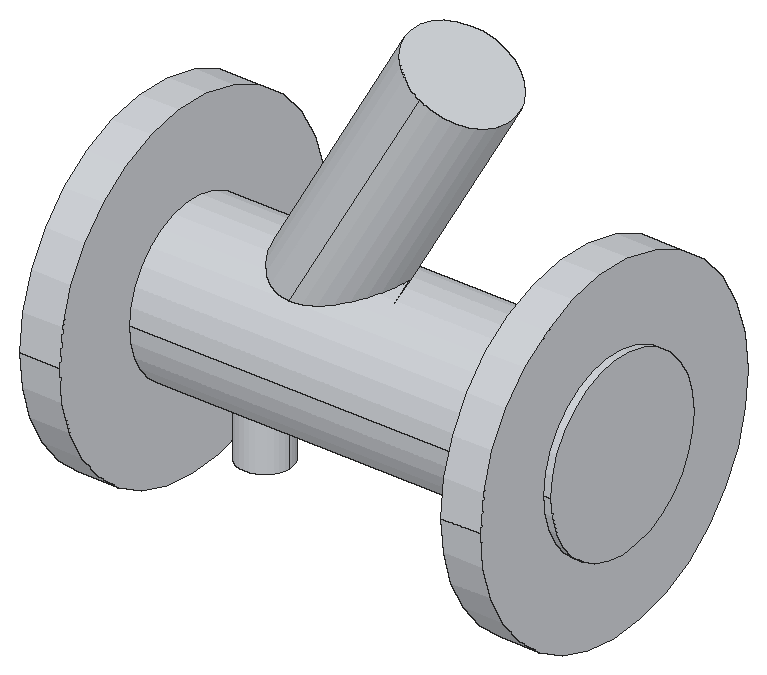
Revit family "HS 821-síto_jemné-PN16-DN020-RFA_2018", category Pipe Accessories, Revit 2018
Family settings
  Round Connector Dimension = Use Diameter
  Part Type = Breaks Into
  Work Plane-Based = No
  Always vertical = Yes
  Cut with Voids When Loaded = No
  Shared = No
Parameters (values of type "821A-DN020-PN16-síto_jemné")
  magiProductId = "41cd6c7a12924f4991217528336076"
  magiProductFamilyId = "79214ac3aaa945e397802f559f5c1e"
  magiPartTypeId = 307
  isMeasuringValve [instance] = no
  ang2D [instance] = 0.00°
  ZB__ve = -ZB  # -17.75 mm
  ZB1 = 22.68 mm
  ZB = 17.75 mm
  X2 = 51.673 mm
  X1 = 21 mm
  W2D = 15 mm
  VersionID = "2.0/2017.9.26.1/ZETKAMA_821_001"
  Use Minimum Symbol Size [instance] = yes
  URL = "www.hydronix.cz"
  Type Comments = "Filtr přírubový; síto jemné; A-PN16 (-10~300°C); D-PN25 (-10~350°C); F-PN40 (-10~400°C)"
  S = 56 mm
  QmdConnectorList = "301;D;302;D"
  Productdata [instance] = ""
  Manufacturer = "Hydronix"
  MC Product Code = "210 120 (821A; DN020; PN16; kvs9,6; oko síta 0,63mm)"
  LM1 = 12 mm
  LM = 120 mm
  L4 = 37.5 mm
  L2D_Min = 3048 mm
  L2D = 130 mm
  L2 = 75 mm
  HH2 = 89.5 mm
  FD = 105 mm
  Description = "Filtr přírubový; síto jemné; 821A-PN16; 821D-PN25; 821F-PN40"
  DM1 = 33.6 mm
  DM = 50.4 mm
  D = 20 mm
  CC = 2.55 mm
  CAT0 = yes
  C1 = 12.45 mm
  C = 15 mm
  BD = 15.876 mm
Types (40, lengths in mm): name | magiProductId | ZB__ve | ZB1 | ZB | X2 | X1 | S | MC Product Code | LM1 | LM | L4 | L2 | HH2 | FD | DM1 | DM | D | CC | C1 | C | BD
  821A-DN015-PN16-síto_jemné | "a71bcfe8b393460598b23e8ddf7dc5" | -16.25 | 18.63 | 16.25 | 46.982 | 18.2 | 46 | "210 115 (821A; DN015; PN16; kvs6,2; oko síta 0,63mm)" | 10.4 | 104 | 32.5 | 65 | 81.375 | 95 | 27.6 | 41.4 | 15 | 2.21 | 10.79 | 13 | 13.041
  821A-DN020-PN16-síto_jemné | "41cd6c7a12924f4991217528336076" | -17.75 | 22.68 | 17.75 | 51.673 | 21 | 56 | "210 120 (821A; DN020; PN16; kvs9,6; oko síta 0,63mm)" | 12 | 120 | 37.5 | 75 | 89.5 | 105 | 33.6 | 50.4 | 20 | 2.55 | 12.45 | 15 | 15.876
  821A-DN025-PN16-síto_jemné | "be378b463ed14c3abf4c9b3ae8cf3a" | -19.25 | 26.325 | 19.25 | 58.601 | 22.4 | 65 | "210 125 (821A; DN025; PN16; kvs14,2; oko síta 0,63mm)" | 12.8 | 128 | 40 | 80 | 101.5 | 115 | 43.2 | 58.5 | 25 | 2.72 | 13.28 | 16 | 18.427
  821A-DN032-PN16-síto_jemné | "227a0d18b21540afabe8b6067d35fa" | -23 | 30.78 | 23 | 68.849 | 25.2 | 76 | "210 132 (821A; DN032; PN16; kvs23,1; oko síta 0,63mm)" | 14.4 | 144 | 45 | 90 | 119.25 | 140 | 50.4 | 68.4 | 32 | 3.06 | 14.94 | 18 | 21.546
  821A-DN040-PN16-síto_jemné | "d106917c74724141a10440112d0102" | -24.5 | 34.02 | 24.5 | 75.777 | 28 | 84 | "210 140 (821A; DN040; PN16; kvs36,6; oko síta 0,63mm)" | 16 | 160 | 50 | 100 | 131.25 | 150 | 60 | 75.6 | 40 | 3.4 | 16.6 | 20 | 23.814
  821A-DN050-PN16-síto_jemné | "8255d456a09e4f6486734f5dd9171b" | -26.75 | 40.095 | 26.75 | 79.061 | 32.2 | 99 | "210 150 (821A; DN050 PN16; kvs53,7; oko síta 0,63mm)" | 18.4 | 184 | 57.5 | 115 | 136.938 | 165 | 73.8 | 89.1 | 50 | 3.91 | 19.09 | 23 | 28.066
  821A-DN065-PN16-síto_jemné | "235b1b3e4c0843779a4d5e3716d40a" | -29.75 | 47.79 | 29.75 | 86.927 | 40.6 | 118 | "210 165 (821A; DN065; PN16; kvs95,1; oko síta 0,63mm)" | 23.2 | 232 | 72.5 | 145 | 150.562 | 185 | 94.2 | 106.2 | 65 | 4.93 | 24.07 | 29 | 33.453
  821A-DN080-PN16-síto_jemné | "a067f7c5236348ed8c820d16df7214" | -32 | 53.46 | 32 | 104.753 | 43.4 | 132 | "210 180 (821A; DN080; PN16; kvs137,1; oko síta 0,63mm)" | 24.8 | 248 | 77.5 | 155 | 181.438 | 200 | 107.4 | 118.8 | 80 | 5.27 | 25.73 | 31 | 37.422
  821A-DN100-PN16-síto_jemné | "c49a648c2747461285837d643703cd" | -35 | 63.18 | 35 | 114.857 | 49 | 156 | "210 190 (821A; DN100; PN16; kvs206,4; oko síta 0,63mm)" | 28 | 280 | 87.5 | 175 | 198.937 | 220 | 131.4 | 140.4 | 100 | 5.95 | 29.05 | 35 | 44.226
  821A-DN125-PN16-síto_jemné | "bf68e728a163493cbd2a663b26ebdc" | -39.5 | 74.52 | 39.5 | 131.888 | 56 | 184 | "210 191 (821A; DN125; PN16; kvs268,8; oko síta 0,63mm)" | 32 | 320 | 100 | 200 | 228.438 | 250 | 165 | 165.6 | 125 | 6.8 | 33.2 | 40 | 52.164
  821A-DN150-PN16-síto_jemné | "2de770284b654863ae6bc865769dc5" | -44.75 | 85.455 | 44.75 | 155.885 | 67.2 | 211 | "210 192 (821A; DN150; PN16; kvs401,4; oko síta 0,63mm)" | 38.4 | 384 | 120 | 240 | 270 | 285 | 192 | 189.9 | 150 | 8.16 | 39.84 | 48 | 59.818
  821A-DN200-PN16-síto_jemné | "8e5693371ab64aabb29a7f08c76e15" | -53 | 107.73 | 53 | 188.361 | 84 | 266 | "210 193 (821A; DN200; PN16; kvs706,7; oko síta 0,63mm)" | 48 | 480 | 150 | 300 | 326.25 | 340 | 252 | 239.4 | 200 | 10.2 | 49.8 | 60 | 75.411
  821A-DN250-PN16-síto_jemné | "05e37ed948c34047acdd4c42556504" | -62.75 | 129.195 | 62.75 | 255.911 | 102.2 | 319 | "210 194 (821A; DN250; PN16; kvs1229,4; oko síta 0,63mm)" | 58.4 | 584 | 182.5 | 365 | 443.25 | 405 | 309.6 | 287.1 | 250 | 12.41 | 60.59 | 73 | 90.436
  821A-DN300-PN16-síto_jemné | "9ad0af747269428da925480d83ce80" | -71 | 149.85 | 71 | 325.914 | 119 | 370 | "210 195 (821A; DN300; PN16; kvs1902,4; oko síta 0,63mm)" | 68 | 680 | 212.5 | 425 | 564.5 | 460 | 369.6 | 333 | 300 | 14.45 | 70.55 | 85 | 104.895
  821A-DN350-PN16-síto_jemné | "eebc71459bb3451bb4355e7951370a" | -80 | 173.745 | 80 | 356.875 | 137.2 | 429 | "200 196 (821A; DN350; PN16; kvs2611,0; oko síta 0,63mm)" | 78.4 | 784 | 245 | 490 | 618.125 | 520 | 438 | 386.1 | 350 | 16.66 | 81.34 | 98 | 121.621
  821A-DN400-PN16-síto_jemné | "d2f677cb196647e385b2590e7d8abe" | -89 | 194.4 | 89 | 392.237 | 154 | 480 | "210 197 (821A; DN400; PN16; kvs3438,4; oko síta 0,63mm)" | 88 | 880 | 275 | 550 | 679.375 | 580 | 498 | 432 | 400 | 18.7 | 91.3 | 110 | 136.08
  821D-DN015-PN25-síto_jemné | "27ddcbf555414f8ca1fde329bf9087" | -16.25 | 18.63 | 16.25 | 46.982 | 18.2 | 46 | "210 215 (821D; DN015; PN25; kvs6,2; oko síta 0,63mm)" | 10.4 | 104 | 32.5 | 65 | 81.375 | 95 | 27.6 | 41.4 | 15 | 2.21 | 10.79 | 13 | 13.041
  821D-DN020-PN25-síto_jemné | "270e0f14012f47189cd0235c18faee" | -17.75 | 22.68 | 17.75 | 51.673 | 21 | 56 | "210 220 (821D; DN020; PN25; kvs9,6; oko síta 0,63mm)" | 12 | 120 | 37.5 | 75 | 89.5 | 105 | 33.6 | 50.4 | 20 | 2.55 | 12.45 | 15 | 15.876
  821D-DN025-PN25-síto_jemné | "b9a7fb4aa36643878c637d8e1ab992" | -19.25 | 26.325 | 19.25 | 58.601 | 22.4 | 65 | "210 225 (821D; DN025; PN25; kvs14,2; oko síta 0,63mm)" | 12.8 | 128 | 40 | 80 | 101.5 | 115 | 43.2 | 58.5 | 25 | 2.72 | 13.28 | 16 | 18.427
  821D-DN032-PN25-síto_jemné | "6be9a55c4e68400f94eec7e804204c" | -23 | 30.78 | 23 | 68.849 | 25.2 | 76 | "210 232 (821D; DN032; PN25; kvs23,1; oko síta 0,63mm)" | 14.4 | 144 | 45 | 90 | 119.25 | 140 | 50.4 | 68.4 | 32 | 3.06 | 14.94 | 18 | 21.546
  821D-DN040-PN25-síto_jemné | "c54511bd7f584ec2984291479612cb" | -24.5 | 34.02 | 24.5 | 75.777 | 28 | 84 | "210 240 (821D; DN040; PN25; kvs36,6; oko síta 0,63mm)" | 16 | 160 | 50 | 100 | 131.25 | 150 | 60 | 75.6 | 40 | 3.4 | 16.6 | 20 | 23.814
  821D-DN050-PN25-síto_jemné | "5483b1f596b04cd39b23a14a22c90e" | -26.75 | 40.095 | 26.75 | 79.061 | 32.2 | 99 | "210 250 (821D; DN050; PN25; kvs53,7; oko síta 0,63mm)" | 18.4 | 184 | 57.5 | 115 | 136.938 | 165 | 73.8 | 89.1 | 50 | 3.91 | 19.09 | 23 | 28.066
  821D-DN065-PN25-síto_jemné | "767b0f8318e94750bc7a9930ed5b30" | -29.75 | 47.79 | 29.75 | 86.927 | 40.6 | 118 | "210 265 (821D; DN065; PN25; kvs95,1; oko síta 0,63mm)" | 23.2 | 232 | 72.5 | 145 | 150.562 | 185 | 94.2 | 106.2 | 65 | 4.93 | 24.07 | 29 | 33.453
  821D-DN080-PN25-síto_jemné | "e21040fa3cc2404b858198f6b73709" | -32 | 53.46 | 32 | 104.753 | 43.4 | 132 | "210 280 (821D; DN080; PN25; kvs137,1; oko síta 0,63mm)" | 24.8 | 248 | 77.5 | 155 | 181.438 | 200 | 107.4 | 118.8 | 80 | 5.27 | 25.73 | 31 | 37.422
  821D-DN100-PN25-síto_jemné | "175ca87a506b40b3bc6b82f12f33cf" | -37.25 | 63.18 | 37.25 | 114.857 | 49 | 156 | "210 290 (821D; DN100; PN25; kvs206,4; oko síta 0,63mm)" | 28 | 280 | 87.5 | 175 | 198.937 | 235 | 131.4 | 140.4 | 100 | 5.95 | 29.05 | 35 | 44.226
  821D-DN125-PN25-síto_jemné | "77cc98d60da24855999a22dff726b2" | -42.5 | 74.52 | 42.5 | 131.888 | 56 | 184 | "210 291 (821D; DN125; PN25; kvs268,8; oko síta 0,63mm)" | 32 | 320 | 100 | 200 | 228.438 | 270 | 165 | 165.6 | 125 | 6.8 | 33.2 | 40 | 52.164
  821D-DN150-PN25-síto_jemné | "9cf8acfcd15547d68e83172d3abcbe" | -47 | 85.455 | 47 | 155.885 | 67.2 | 211 | "210 292 (821D; DN150; PN25; kvs401,4; oko síta 0,63mm)" | 38.4 | 384 | 120 | 240 | 270 | 300 | 192 | 189.9 | 150 | 8.16 | 39.84 | 48 | 59.818
  821D-DN200-PN25-síto_jemné | "16973f3c9ea14389ba8602495a6b64" | -56 | 110.97 | 56 | 188.361 | 84 | 274 | "210 293 (821D; DN200; PN25; kvs706,7; oko síta 0,63mm)" | 48 | 480 | 150 | 300 | 326.25 | 360 | 252 | 246.6 | 200 | 10.2 | 49.8 | 60 | 77.679
  821F-DN015-PN40-síto_jemné | "4c7eaf3c4c0340888b3e684d8a8616" | -16.25 | 18.225 | 16.25 | 46.982 | 18.2 | 45 | "250 615 (821F; DN015; PN40; kvs6,2; oko síta 0,63mm)" | 10.4 | 104 | 32.5 | 65 | 81.375 | 95 | 27.6 | 40.5 | 15 | 2.21 | 10.79 | 13 | 12.757
  821F-DN020-PN40-síto_jemné | "aaac5f1ec96b44d6ba96ac2293d66d" | -17.75 | 23.49 | 17.75 | 51.673 | 21 | 58 | "250 620 (821F; DN020; PN40; kvs9,6; oko síta 0,63mm)" | 12 | 120 | 37.5 | 75 | 89.5 | 105 | 33.6 | 52.2 | 20 | 2.55 | 12.45 | 15 | 16.443
  821F-DN025-PN40-síto_jemné | "504768023968471481789485b54c7e" | -19.25 | 27.54 | 19.25 | 58.601 | 22.4 | 68 | "250 625 (821F; DN025; PN40; kvs14,2; oko síta 0,63mm)" | 12.8 | 128 | 40 | 80 | 101.5 | 115 | 43.2 | 61.2 | 25 | 2.72 | 13.28 | 16 | 19.278
  821F-DN032-PN40-síto_jemné | "165e7f39cf744f329bdf1c400dad12" | -23 | 31.59 | 23 | 68.849 | 25.2 | 78 | "250 632 (821F; DN032; PN40; kvs23,1; oko síta 0,63mm)" | 14.4 | 144 | 45 | 90 | 119.25 | 140 | 50.4 | 70.2 | 32 | 3.06 | 14.94 | 18 | 22.113
  821F-DN040-PN40-síto_jemné | "b8903f952089408fbf3a5a632bab1f" | -24.5 | 35.64 | 24.5 | 75.777 | 28 | 88 | "250 640 (821F; DN040; PN40; kvs36,6; oko síta 0,63mm)" | 16 | 160 | 50 | 100 | 131.25 | 150 | 60 | 79.2 | 40 | 3.4 | 16.6 | 20 | 24.948
  821F-DN050-PN40-síto_jemné | "c451f97266fe48da8f879cb6a2bd44" | -26.75 | 41.31 | 26.75 | 79.061 | 32.2 | 102 | "250 650 (821F; DN050; PN40; kvs53,7; oko síta 0,63mm)" | 18.4 | 184 | 57.5 | 115 | 136.938 | 165 | 73.8 | 91.8 | 50 | 3.91 | 19.09 | 23 | 28.917
  821F-DN065-PN40-síto_jemné | "dc9821e3f9b34e128f6a8c6b34c198" | -29.75 | 49.41 | 29.75 | 86.927 | 40.6 | 122 | "250 665 (821F; DN065; PN40; kvs95,1; oko síta 0,63mm)" | 23.2 | 232 | 72.5 | 145 | 150.562 | 185 | 94.2 | 109.8 | 65 | 4.93 | 24.07 | 29 | 34.587
  821F-DN080-PN40-síto_jemné | "689aa1e260f84cf4994f027a1d86b5" | -32 | 55.89 | 32 | 104.753 | 43.4 | 138 | "250 680 (821F; DN080; PN40; kvs137,1; oko síta 0,63mm)" | 24.8 | 248 | 77.5 | 155 | 181.438 | 200 | 107.4 | 124.2 | 80 | 5.27 | 25.73 | 31 | 39.123
  821F-DN100-PN40-síto_jemné | "8a45d4e8e2ab425f8c432f21d684f3" | -37.25 | 65.61 | 37.25 | 114.857 | 49 | 162 | "250 690 (821F; DN100; PN40; kvs206,4; oko síta 0,63mm)" | 28 | 280 | 87.5 | 175 | 198.937 | 235 | 131.4 | 145.8 | 100 | 5.95 | 29.05 | 35 | 45.927
  821F-DN125-PN40-síto_jemné | "cf073904c006406b8645afa67ea2fc" | -42.5 | 76.14 | 42.5 | 131.888 | 56 | 188 | "250 691 (821F; DN125; PN40; kvs268,8; oko síta 0,63mm)" | 32 | 320 | 100 | 200 | 228.438 | 270 | 165 | 169.2 | 125 | 6.8 | 33.2 | 40 | 53.298
  821F-DN150-PN40-síto_jemné | "0153b9ddabe14992a630484929fdbc" | -47 | 88.29 | 47 | 155.885 | 67.2 | 218 | "250 692 (821F; DN150; PN40; kvs401,4; oko síta 0,63mm)" | 38.4 | 384 | 120 | 240 | 270 | 300 | 192 | 196.2 | 150 | 8.16 | 39.84 | 48 | 61.803
  821F-DN200-PN40-síto_jemné | "7fb3fc01dd8d42428c203e3f8dd4d5" | -56 | 115.425 | 56 | 188.361 | 84 | 285 | "250 693 (821F; DN200; PN40; kvs706,7; oko síta 0,63mm)" | 48 | 480 | 150 | 300 | 326.25 | 360 | 252 | 256.5 | 200 | 10.2 | 49.8 | 60 | 80.797
Reference planes
  plane 1 "Center (Front/Back)": y = 0
  plane 2 "XYPLANE": z = 0
  plane 3 "Center (Left/Right)": x = 0
  plane 4 "109": x = -48
  plane 5 "108": x = 60
  plane 6 "107": x = -60
  plane 7 "105": x = 75
  plane 8 "104": x = -75
  plane 9 "103": y = 0
  plane 10 "102": z = 0
  plane 11 "101": x = -72.45
  plane 12 "100": x = 72.45
  plane 13 "11": x = -27
  plane 14 "10": z = 89.5
  plane 15 "9": x = 24.673
  plane 16 "5": z = -22.68
  plane 17 "4": x = -37.5
  plane 18 "1": x = 37.5
Forms (mm)
  Extrusion 1, solid, visible <- "CAT0"
    sketch origin (-60, -750, 0) x (0, 1, 0) y (0, 0, 1)
      loop
        circle (750, 0) r 25.2
    from 0 to 120 <- "LM"
  Extrusion 2, solid
    sketch origin (-75, -750, 0) x (0, 1, 0) y (0, 0, 1)
      loop
        circle (750, 0) r 28
    from 0 to 2.55 <- "CC"
  Extrusion 3, solid
    sketch origin (-72.45, -750, 0) x (0, 1, 0) y (0, 0, 1)
      loop
        circle (750, 0) r 52.5
    from 0 to 12.45 <- "C1"
  Extrusion 4, solid
    sketch origin (60, -750, 0) x (0, 1, 0) y (0, 0, 1)
      loop
        circle (750, 0) r 52.5
    from 0 to 12.45 <- "C1"
  Extrusion 5, solid
    sketch origin (72.45, -750, 0) x (0, 1, 0) y (0, 0, 1)
      loop
        circle (750, 0) r 28
    from 0 to 2.55 <- "CC"
  Sweep 6, solid, visible <- "CAT0"
    path origin (750, 0, 0) x (-1, 0, 0) y (0, 0, 1)
      loop
        line (810, 0) -> (777, 0) -> (725.327, 89.5)
    profile origin (-60, 0, 0) x (0, 0, -1) y (0, 1, 0)
      loop
        circle (0, 0) r 16.8
  Extrusion 7, solid, visible <- "CAT0"
    sketch origin (-750, 0, -22.68) x (1, 0, 0) y (0, 1, 0)
      loop
        circle (712.5, 0) r 7.938
    from 0 to -17.75 <- "ZB__ve"
  Extrusion 8, solid, visible <- "CAT0"
    sketch origin (-750, 0, -22.68) x (1, 0, 0) y (0, 1, 0)
      loop
        circle (787.5, 0) r 7.938
    from 0 to -17.75 <- "ZB__ve"
  Extrusion 9, solid, not visible
    sketch origin (75, -750, 0) x (0, 1, 0) y (0, 0, 1)
      loop
        circle (750, 0) r 10
    from 0 to -10
  Extrusion 10, solid, not visible
    sketch origin (-75, -750, 0) x (0, 1, 0) y (0, 0, 1)
      loop
        circle (750, 0) r 10
    from 0 to 10
Lines and regions (mm)
  reference lines, not visible
    curve 1: circle (2, 2, 0) r 1 normal (0, 0, 1)
Dimensions and locks
  plane 1 "Center (Front/Back)" to curve 1 = 2 mm
  "LM1": plane 6 "107" to plane 4 "109"
  "LM": plane 6 "107" to plane 5 "108"
  "C": plane 8 "104" to plane 6 "107"
  "L2": plane 3 "Center (Left/Right)" to plane 7 "105"
  "L2": plane 3 "Center (Left/Right)" to plane 8 "104"
  locked: plane 1 "Center (Front/Back)" to plane 9 "103"
  locked: plane 2 "XYPLANE" to plane 10 "102"
  "CC": plane 8 "104" to plane 11 "101"
  "C1": plane 5 "108" to plane 12 "100"
  "X1": plane 4 "109" to plane 13 "11"
  "HH2": plane 2 "XYPLANE" to plane 14 "10"
  "X2": plane 13 "11" to plane 15 "9"
  "ZB1": plane 2 "XYPLANE" to plane 16 "5"
  "L4": plane 8 "104" to plane 17 "4"
  "L2": plane 17 "4" to plane 18 "1"
  Sweep 6 sketch curve to Sweep 6 sketch curve = 0 mm  (x2)
  "DM": diameter of Extrusion 1 sketch curve
  "S": diameter of Extrusion 2 sketch curve
  "FD": diameter of Extrusion 3 sketch curve
  "FD": diameter of Extrusion 4 sketch curve
  "S": diameter of Extrusion 5 sketch curve
  "DM1": diameter of Sweep 6 sketch curve
  "BD": diameter of Extrusion 7 sketch curve
  "BD": diameter of Extrusion 8 sketch curve
  aligned and locked: level to plane 2 "XYPLANE"
  aligned and locked: Extrusion 1 sketch curve to plane 9 "103"
  aligned and locked: plane 10 "102" to Extrusion 1 sketch curve
  aligned and locked: Extrusion 2 sketch curve to plane 9 "103"
  aligned and locked: plane 10 "102" to Extrusion 2 sketch curve
  aligned and locked: Extrusion 3 sketch curve to plane 9 "103"
  aligned and locked: plane 10 "102" to Extrusion 3 sketch curve
  aligned and locked: Extrusion 4 sketch curve to plane 9 "103"
  aligned and locked: plane 10 "102" to Extrusion 4 sketch curve
  aligned and locked: Extrusion 5 sketch curve to plane 9 "103"
  aligned and locked: plane 10 "102" to Extrusion 5 sketch curve
  aligned and locked: Sweep 6 sketch curve to plane 9 "103"
  aligned and locked: plane 10 "102" to Sweep 6 sketch curve  (x3)
  aligned and locked: plane 6 "107" to Sweep 6 sketch curve
  aligned and locked: plane 13 "11" to Sweep 6 sketch curve
  aligned and locked: plane 14 "10" to Sweep 6 sketch curve
  aligned and locked: plane 15 "9" to Sweep 6 sketch curve
  aligned and locked: plane 9 "103" to Extrusion 7 sketch curve
  aligned and locked: plane 17 "4" to Extrusion 7 sketch curve
  aligned and locked: plane 9 "103" to Extrusion 8 sketch curve
  aligned and locked: plane 18 "1" to Extrusion 8 sketch curve
  aligned and locked: Extrusion 9 sketch curve to plane 9 "103"
  aligned and locked: plane 10 "102" to Extrusion 9 sketch curve
  aligned and locked: Extrusion 10 sketch curve to plane 9 "103"
  aligned and locked: plane 10 "102" to Extrusion 10 sketch curve
Automatic sketch dimensions
  plane 1 "Center (Front/Back)" to Extrusion 9 sketch curve = 10 mm
  plane 1 "Center (Front/Back)" to Extrusion 10 sketch curve = 10 mm
  plane 3 "Center (Left/Right)" to curve 1 = 2 mm
  radius of curve 1 = 1 mm
Connectors
  piping at (-75, 0, 0), diameter 20, driven by "D"
    settings: on Extrusion 10, index 1, connector inside diameter 609.6 mm, connector length 0 mm, flow factor 0, pipe flow 0.0 L/s, pressure drop 0.0 Pa, fitting loss kfactor 0, connector angle 0.00°, fixture units 0, engagement length 0 mm, angle of deflection 0.00°, flow configuration 0, flow direction 0, fitting loss method 0, system type 29, joint type 0, gender type 0, connector reference index 2, connector utility 0, adjustable connector no, is connector primary yes, connector description ""
  piping at (75, 0, 0), diameter 20, driven by "D"
    settings: on Extrusion 9, index 2, connector inside diameter 609.6 mm, connector length 0 mm, flow factor 0, pipe flow 0.0 L/s, pressure drop 0.0 Pa, fitting loss kfactor 0, connector angle 0.00°, fixture units 0, engagement length 0 mm, angle of deflection 0.00°, flow configuration 0, flow direction 0, fitting loss method 0, system type 29, joint type 0, gender type 0, connector reference index 1, connector utility 0, adjustable connector no, is connector primary no, connector description ""
